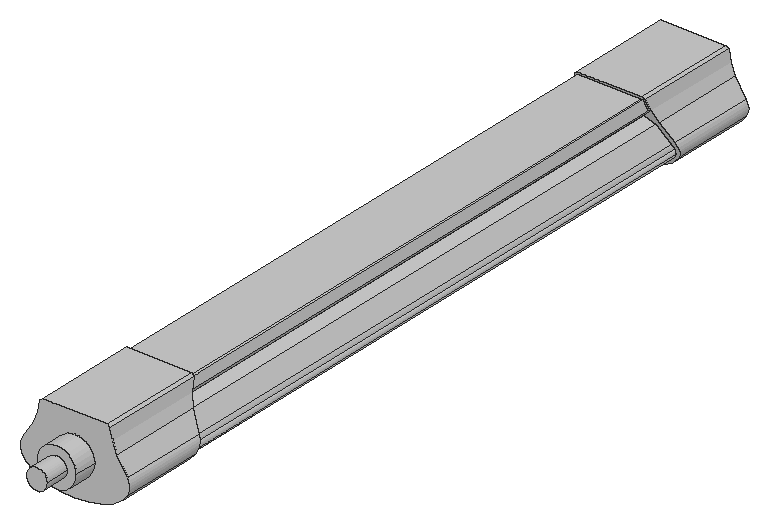
Revit family "NNFC4034088", category 照明器具, Revit 2018
Family settings
  丸型コネクタ寸法 = 直径を使用
  パーツ タイプ = 標準
  OmniClass 番号 = 23.80.70.00
  OmniClass タイトル = Lighting
  作業面ベース = はい
  常に垂直 = いいえ
  ロード時にボイドで切り取り = いいえ
  光源 = はい
  共有 = いいえ
  部屋計算ポイント = いいえ
Parameters (values of type "NNFC4034088")
  built-in parameter 1150110 = 1 (stored number, unit not read)
  長方形の長さに沿って放射 = 80 mm
  長方形の幅に沿って放射 = 478 mm
  built-in parameter 1150133 = 10 (stored number, unit not read)
  Dimming Lamp Color Temperature Shift = (empty or 0)
  説明 = "NNFC4034088"
  製造元 = "Panasonic Corp."
  built-in parameter 1150104 = 13.8 (stored number, unit not read)
  built-in parameter 1150115 = 1 (stored number, unit not read)
  built-in parameter 1150137 = 1
  built-in parameter 1150106 = 1.8303 (stored number, unit not read)
  built-in parameter 1150134 = 12
  built-in parameter 1150109 = 1 (stored number, unit not read)
  Default Elevation = 0 mm
  built-in parameter 1114218 = 1 (stored number, unit not read)
  built-in parameter 1114217 = 1 (stored number, unit not read)
  built-in parameter 1150102 = (empty or 0)
  built-in parameter 1150107 = 4000 (stored number, unit not read)
  built-in parameter 1150138 = (empty or 0)
  built-in parameter 1150132 = 2
  Lumens = 2300 lm
  built-in parameter 1150105 = 183.03 (stored number, unit not read)
  Tilt Angle = 90.00°
  built-in parameter 1150139 = (empty or 0)
  Cost = 63000
  Wattage = 15.4838 W
  Emit Shape Visible in Rendering = no
  built-in parameter 1150112 = 1 (stored number, unit not read)
  built-in parameter 1150114 = 1 (stored number, unit not read)
  Lamp = ""
  モデル = "LED Splash Proof Ex Series 2G 2FT"
  フォトメトリック Web ファイル = "NNFC4034088.ies"
  タイプの説明 = "Splash Proof"
  Type Image = (empty or 0)
  built-in parameter 1150113 = 1 (stored number, unit not read)
  Color Filter = 16777215
  Voltage = 230 V
  Width = 0 mm
  URL = "https://panasonic.net/electricworks/lighting/"
  Light Source = PC
  Height = 0 mm
  Length = 0 mm
  Body = PC(White)
Reference planes
  plane 1 "Light Source Axis (F/B)": y = 0
  plane 2: z = 0
  plane 3 "Light Source Axis (L/R)": x = 0
  plane 4 "Light Source Elevation": z = 0
  plane 5: y = -337
Forms (mm)
  Extrusion 1, solid, material "PC(White)" <- "Body"
    sketch origin (0, 0, 0) x (1, 0, 0) y (0, 0, 1)
      loop
        line (-25.218, 0) -> (-27.214, -1.907)
        arc (-27.214, -1.907) -> (-28.908, -10.625) -> (-32.373, -18.803) r 42.597
        arc (-32.373, -18.803) -> (-36.385, -25.645) -> (-40.735, -32.276) r 157.997
        arc (-40.735, -32.276) -> (-42.634, -38.352) -> (-40.735, -44.427) r 10.672
        arc (-40.735, -44.427) -> (-35.839, -49.798) -> (-29.7, -53.687) r 27.299
        arc (-29.7, -53.687) -> (-15.201, -58.496) -> (0, -60) r 69.051
        arc (0, -60) -> (15.201, -58.496) -> (29.7, -53.687) r 69.051
        arc (29.7, -53.687) -> (35.839, -49.798) -> (40.735, -44.427) r 27.299
        arc (40.735, -44.427) -> (42.634, -38.352) -> (40.735, -32.276) r 10.672
        arc (40.735, -32.276) -> (36.385, -25.645) -> (32.373, -18.803) r 157.997
        arc (32.373, -18.803) -> (28.908, -10.625) -> (27.214, -1.907) r 42.597
        line (27.214, -1.907) -> (25.218, 0) -> (-25.218, 0)
    from -300 to 300
  Extrusion 2, void
    sketch origin (0, 0, 0) x (0, 1, 0) y (0, 0, 1)
      loop
        line (216.06, 5) -> (-216.06, 5)
        arc (-216.06, 5) -> (-230.079, -29.434) -> (-240.912, -65) r 408.841
        line (-240.912, -65) -> (240.912, -65)
        arc (240.912, -65) -> (230.079, -29.434) -> (216.06, 5) r 408.841
    from -50 to 50
  Extrusion 3, solid, material "PC" <- "Light Source"
    sketch origin (0, 0, 0) x (1, 0, 0) y (0, 0, 1)
      loop
        arc (-40.06, -37.258) -> (-39.908, -40.26) -> (-38.68, -43.004) r 8.172
        arc (-38.68, -43.004) -> (-34.232, -47.883) -> (-28.655, -51.416) r 24.799
        arc (-28.655, -51.416) -> (-14.666, -56.054) -> (0, -57.5) r 66.551
        arc (0, -57.5) -> (14.666, -56.054) -> (28.655, -51.416) r 66.551
        arc (28.655, -51.416) -> (34.232, -47.883) -> (38.68, -43.004) r 24.799
        arc (38.68, -43.004) -> (39.908, -40.26) -> (40.06, -37.258) r 8.172
        line (40.06, -37.258) -> (-40.06, -37.258)
    from -300 to 300
  Extrusion 4, solid, material "PC(White)" <- "Body"
    sketch origin (0, 0, 0) x (1, 0, 0) y (0, 0, 1)
      loop
        arc (40.06, -37.258) -> (39.581, -35.397) -> (38.68, -33.7) r 8.172
        arc (38.68, -33.7) -> (34.371, -27.139) -> (30.387, -20.375) r 160.497
        line (30.387, -20.375) -> (22.143, -16.613) -> (22.143, -12.613) -> (25.153, -12.613)
        arc (25.153, -12.613) -> (26.384, -12.103) -> (26.894, -10.872) r 1.741
        arc (26.894, -10.872) -> (25.91, -6.892) -> (25.295, -2.839) r 44.597
        line (25.295, -2.839) -> (24.416, -2) -> (-24.416, -2) -> (-25.295, -2.839)
        arc (-25.295, -2.839) -> (-25.91, -6.892) -> (-26.894, -10.872) r 44.597
        arc (-26.894, -10.872) -> (-26.384, -12.103) -> (-25.153, -12.613) r 1.741
        line (-25.153, -12.613) -> (-22.143, -12.613) -> (-22.143, -16.613) -> (-30.387, -20.375)
        arc (-30.387, -20.375) -> (-34.371, -27.139) -> (-38.68, -33.7) r 160.497
        arc (-38.68, -33.7) -> (-39.581, -35.397) -> (-40.06, -37.258) r 8.172
        line (-40.06, -37.258) -> (40.06, -37.258)
    from -300 to 300
  Extrusion 5, void
    sketch origin (0, 0, 0) x (0, 1, 0) y (0, 0, 1)
      loop
        line (300, 5) -> (216.06, 5)
        arc (216.06, 5) -> (230.079, -29.434) -> (240.912, -65) r 408.841
        line (240.912, -65) -> (300, -65) -> (300, 5)
      loop
        line (-300, 5) -> (-300, -65) -> (-240.912, -65)
        arc (-240.912, -65) -> (-230.079, -29.434) -> (-216.06, 5) r 408.841
        line (-216.06, 5) -> (-300, 5)
    from -50 to 50
  Extrusion 6, solid, material "PC(White)" <- "Body"
    sketch origin (0, 0, -4) x (1, 0, 0) y (0, 0, 1)
      loop
        circle (0, -27) r 15
    from 300 to 318
  Extrusion 7, solid, material "PC(White)" <- "Body"
    sketch origin (0, 0, -4) x (1, 0, 0) y (0, 0, 1)
      loop
        circle (0, -27) r 8
    from 318 to 337
Cuts and joins
  Extrusion 2 cuts Extrusion 1
  Extrusion 5 cuts Extrusion 3
  Extrusion 5 cuts Extrusion 4
Dimensions and locks
  aligned and locked: level to plane 2
Connectors
  electrical at (0, -337, -31)
    settings: on plane 5, index 1, voltage 0 V, apparent load 0 VA, apparent load phase1 0 VA, apparent load phase2 0 VA, apparent load phase3 0 VA, power factor 1, load classification "Other", number of poles 1, system type 30, power factor state 1, is connector primary yes, connector utility no, sub classification motor no, connector description ""
